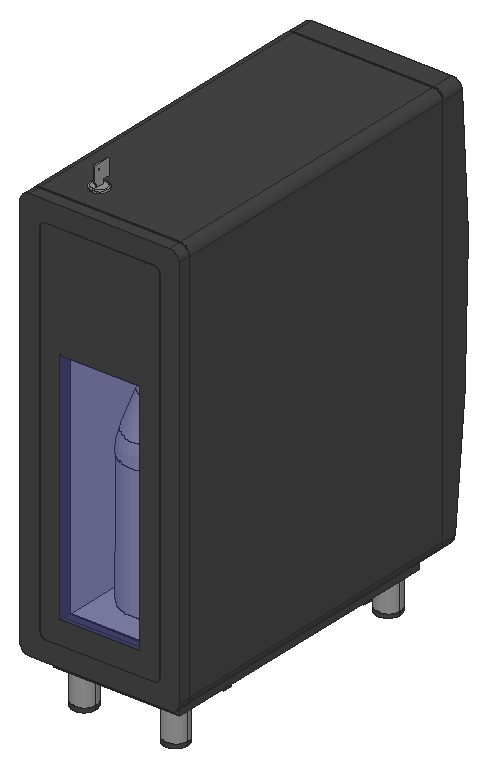
Revit family "Franke_Flavor_Station_FS3-A600_FM_EC_A600_FM_CM_A800_FM_EC(CN)", category Specialty Equipment, Revit 2015
Parameters (values of type "Flavor Station FS3-A600 FM EC,A600 FM CM,A800 FM EC(220V/anthracite/CN)")
  Watts max. = 0 W
  Volts max. = 0 V
  URL = "https://www.franke.com/main/en/cs/products/product-search.html"
  Depth (mm) = 452 mm
  Volts min. = 220 V
  Max Overcurrent Protection = "-"
  Cycle Alternative = 0 Hz
  Cycle = 50 Hz
  Model = "410888 - Flavor Station FS3-A600 FM EC, A600 FM CM, A800 FM EC"
  Watts min. = 0 W
  Cost = 0
  Capacity = "up to 3 bottles"
  Height (mm) = 544 mm
  Manufacturer = "Franke"
  Energy loss acc. to DIN 18873 = "-"
  Width (mm) = 200 mm
  Description = "key module Flavor Station enables the automated and constant dosing of syrup in the coffee / milk"
  Assembly Code = "key module Flavor Station"
  Keynote = "key module Flavor Station"
  Weight = "17 kg"
  Number of Poles = 1
  Number of Protective Conductors = "1"
  Number of Nutral Conductors = "1"
  Frontcover = Franke Black
Types (3): name
  (no name)
  Flavor Station FS3-A600 FM EC,A600 FM CM,A800 FM EC(220V/black line/CN)
  Flavor Station FS3-A600 FM EC,A600 FM CM,A800 FM EC(220V/anthracite/CN)
Reference planes
  plane 1 "Mitte (Vorne/Hinten)": y = 0
  plane 2: z = 0
  plane 3 "Mitte (Links/Rechts)": x = 0
Forms (mm)
  Revolve 1, solid, material "Franke Glass (coloured)"
    sketch origin (0, -122.422, 0) x (1, 0, 0) y (0, 0, 1)
      loop
        line (0, 119) -> (42.5, 119) -> (42.5, 285)
        arc (42.5, 285) -> (41.359, 298.689) -> (37.969, 312) r 82.717
        arc (37.969, 312) -> (30.026, 334.024) -> (21.951, 356) r 3887.726
        arc (21.951, 356) -> (18.197, 369.268) -> (16.953, 383) r 74.483
        line (16.953, 383) -> (0, 383) -> (0, 119)
      axis (0, 119) -> (0, 383)
    angle from 0 to 360
  Revolve 2, solid, material "Franke Coloured plastic"
    sketch origin (0, -122.422, 0) x (1, 0, 0) y (0, 0, 1)
      loop
        line (0, 383) -> (16.953, 383) -> (16.953, 417) -> (0, 417) -> (0, 383)
      axis (0, 383) -> (0, 417)
    angle from 0 to 360
  Extrusion 3, solid, material "Franke Black" <- "Frontcover"
    sketch origin (0, 0, 0) x (1, 0, 0) y (0, 0, 1)
      loop
        line (88, 585) -> (-88, 585)
        arc (-88, 585) -> (-96.485, 581.485) -> (-100, 573) r 12
        line (-100, 573) -> (-100, 77)
        arc (-100, 77) -> (-96.485, 68.515) -> (-88, 65) r 12
        line (-88, 65) -> (-85, 65) -> (85, 65) -> (88, 65)
        arc (88, 65) -> (96.485, 68.515) -> (100, 77) r 12
        line (100, 77) -> (100, 573)
        arc (100, 573) -> (96.485, 581.485) -> (88, 585) r 12
      loop
        arc (67, 90) -> (72.657, 92.343) -> (75, 98) r 8
        line (75, 98) -> (75, 552)
        arc (75, 552) -> (72.657, 557.657) -> (67, 560) r 8
        line (67, 560) -> (-67, 560)
        arc (-67, 560) -> (-72.657, 557.657) -> (-75, 552) r 8
        line (-75, 552) -> (-75, 98)
        arc (-75, 98) -> (-72.657, 92.343) -> (-67, 90) r 8
        line (-67, 90) -> (67, 90)
    from 199.53 to 214.53
  Extrusion 4, solid, material "Franke Black"
    sketch origin (0, 0, 0) x (1, 0, 0) y (0, 0, 1)
      loop
        arc (-67, 560) -> (-72.657, 557.657) -> (-75, 552) r 8
        line (-75, 552) -> (-75, 98)
        arc (-75, 98) -> (-72.657, 92.343) -> (-67, 90) r 8
        line (-67, 90) -> (67, 90)
        arc (67, 90) -> (72.657, 92.343) -> (75, 98) r 8
        line (75, 98) -> (75, 552)
        arc (75, 552) -> (72.657, 557.657) -> (67, 560) r 8
        line (67, 560) -> (-67, 560)
      loop
        line (-50, 417) -> (-50, 119) -> (50, 119) -> (50, 417) -> (-50, 417)
    from 199.53 to 214.53
  Extrusion 5, solid, material "Franke Glass"
    sketch origin (0, 0, 0) x (1, 0, 0) y (0, 0, 1)
      loop
        line (-50, 417) -> (-50, 119) -> (50, 119) -> (50, 417) -> (-50, 417)
    from 209.53 to 214.53
  Extrusion 6, solid, material "Franke Black"
    sketch origin (0, 0, 0) x (1, 0, 0) y (0, 0, 1)
      loop
        line (88, 585) -> (-88, 585)
        arc (-88, 585) -> (-96.485, 581.485) -> (-100, 573) r 12
        line (-100, 573) -> (-100, 77)
        arc (-100, 77) -> (-96.485, 68.515) -> (-88, 65) r 12
        line (-88, 65) -> (-85, 65) -> (85, 65) -> (88, 65)
        arc (88, 65) -> (96.485, 68.515) -> (100, 77) r 12
        line (100, 77) -> (100, 573)
        arc (100, 573) -> (96.485, 581.485) -> (88, 585) r 12
    from -198.03 to 198.03
  Extrusion 7, void
    sketch origin (0, 0, 0) x (1, 0, 0) y (0, 0, 1)
      loop
        line (-55, 422) -> (-55, 114) -> (55, 114) -> (55, 422) -> (-55, 422)
    from 4.53 to 267.821
  Extrusion 8, solid, material "Franke Black"
    sketch origin (0, 0, 0) x (0, 1, 0) y (0, 0, 1)
      loop
        line (186.97, 65) -> (-188.03, 65) -> (-188.03, 45) -> (186.97, 45) -> (186.97, 65)
    from -79 to 79
  Extrusion 9, solid, material "Franke Black"
    sketch origin (0, 0, 0) x (0, 1, 0) y (0, 0, 1)
      loop
        line (199.53, 585) -> (199.53, 65) -> (216.03, 65)
        arc (216.03, 65) -> (224.982, 150.997) -> (233.478, 237.039) r 16328.175
        arc (233.478, 237.039) -> (233.864, 241.879) -> (234.093, 246.728) r 150
        arc (234.093, 246.728) -> (236.227, 326.074) -> (237.701, 405.435) r 9548.581
        arc (237.701, 405.435) -> (237.699, 406.999) -> (237.648, 408.563) r 50
        arc (237.648, 408.563) -> (233.118, 496.797) -> (228.03, 585) r 14002.549
        line (228.03, 585) -> (199.53, 585)
    from -100 to 100
  Extrusion 10, void
    sketch origin (0, 0, 0) x (1, 0, 0) y (0, 0, 1)
      loop
        line (-88, 585) -> (-88, 595) -> (-110, 595) -> (-110, 573) -> (-100, 573)
        arc (-100, 573) -> (-96.485, 581.485) -> (-88, 585) r 12
      loop
        arc (88, 585) -> (96.485, 581.485) -> (100, 573) r 12
        line (100, 573) -> (110, 573) -> (110, 595) -> (88, 595) -> (88, 585)
      loop
        arc (-88, 65) -> (-96.485, 68.515) -> (-100, 77) r 12
        line (-100, 77) -> (-110, 77) -> (-110, 55) -> (-88, 55) -> (-88, 65)
      loop
        line (88, 65) -> (88, 55) -> (110, 55) -> (110, 77) -> (100, 77)
        arc (100, 77) -> (96.485, 68.515) -> (88, 65) r 12
    from -305.226 to 299.817
  Revolve 11, solid, material "Franke Chrome"
    sketch origin (-42, 0, 0) x (0, 1, 0) y (0, 0, 1)
      loop
        line (-162.53, 588) -> (-172.563, 588)
        arc (-172.563, 588) -> (-173.27, 587.707) -> (-173.563, 587) r 1
        line (-173.563, 587) -> (-173.563, 585) -> (-162.53, 585) -> (-162.53, 588)
      axis (-162.53, 588) -> (-162.53, 585)
    angle from 0 to 360
  Extrusion 12, solid, material "Franke Chrome"
    sketch origin (0, 0, 0) x (1, 0, 0) y (0, 1, 0)
      loop
        circle (57.5, -167.03) r 15
      loop
        circle (57.5, 166.47) r 15
      loop
        circle (-57.5, -167.03) r 15
      loop
        circle (-57.5, 166.47) r 15
    from 5 to 45
  Extrusion 13, solid, material "Franke Black"
    sketch origin (0, 0, 10) x (0, -1, 0) y (1, 0, 0)
      loop
        circle (167.03, -57.5) r 15
      loop
        circle (-166.47, -57.5) r 15
      loop
        circle (167.03, 57.5) r 15
      loop
        circle (-166.47, 57.5) r 15
    from -10 to -5
  Extrusion 14, solid, material "Franke Black"
    sketch origin (0, 0, 0) x (1, 0, 0) y (0, 1, 0)
      loop
        line (-76.6, 116.47) -> (-76.6, 104.47) -> (-62.6, 104.47) -> (-62.6, 116.47) -> (-76.6, 116.47)
      loop
        line (-76.6, -104.03) -> (-76.6, -116.03) -> (-62.6, -116.03) -> (-62.6, -104.03) -> (-76.6, -104.03)
      loop
        line (76.6, 116.47) -> (62.6, 116.47) -> (62.6, 104.47) -> (76.6, 104.47) -> (76.6, 116.47)
      loop
        line (76.6, -104.03) -> (62.6, -104.03) -> (62.6, -116.03) -> (76.6, -116.03) -> (76.6, -104.03)
    from 40 to 45
  Extrusion 15, solid, material "Franke internal space FS3"
    sketch origin (0, 0, 0) x (1, 0, 0) y (0, 0, 1)
      loop
        line (55, 422) -> (-55, 422) -> (-55, 114) -> (55, 114) -> (55, 422)
      loop
        line (50, 417) -> (-50, 417) -> (-50, 119) -> (50, 119) -> (50, 417)
    from 0 to 198.03
  Extrusion 16, solid
    sketch origin (0, 0, 0) x (1, 0, 0) y (0, 0, 1)
      loop
        line (-90, 75) -> (90, 75) -> (90, 575) -> (-90, 575) -> (-90, 75)
      loop
        line (55, 422) -> (-55, 422) -> (-55, 114) -> (55, 114) -> (55, 422)
    from 198.03 to 199.53
  Extrusion 17, solid
    sketch origin (0, 397.56, 0) x (1, 0, 0) y (0, 0, 1)
      loop
        line (-90, 75) -> (90, 75) -> (90, 575) -> (-90, 575) -> (-90, 75)
    from 198.03 to 199.53
  Extrusion 18, solid, material "Franke Chrome"
    sketch origin (0, 0, 0) x (0, 1, 0) y (0, 0, 1)
      loop
        arc (-169.199, 613) -> (-169.907, 612.707) -> (-170.199, 612) r 1
        line (-170.199, 612) -> (-170.199, 594)
        arc (-170.199, 594) -> (-169.907, 593.293) -> (-169.199, 593) r 1
        line (-169.199, 593) -> (-167.163, 593) -> (-167.163, 588) -> (-157.898, 588) -> (-157.898, 593) -> (-149.885, 593)
        arc (-149.885, 593) -> (-149.178, 593.293) -> (-148.885, 594) r 1
        line (-148.885, 594) -> (-148.885, 612)
        arc (-148.885, 612) -> (-149.178, 612.707) -> (-149.885, 613) r 1
        line (-149.885, 613) -> (-169.199, 613)
      loop
        circle (-164.449, 607.092) r 2
    from -43 to -41
  Extrusion 19, solid, material "Franke Chrome"
    sketch origin (0, 0, 0) x (1, 0, 0) y (0, 1, 0)
      loop
        circle (0, 147.268) r 2.5
    from 40 to 45
Cuts and joins
  Extrusion 10 cuts Extrusion 9
  Extrusion 7 cuts Extrusion 6
Dimensions and locks
  aligned and locked: level to plane 2
Connectors
  electrical at (0, 147.268, 40), driven by "Volts min.", driven by "Number of Poles"
    settings: on Extrusion 19, index 1, voltage 220 V, apparent load 0 VA, apparent load phase1 0 VA, apparent load phase2 0 VA, apparent load phase3 0 VA, power factor 1, load classification "Strom", number of poles 1, system type 31, power factor state 1, is connector primary yes, connector utility no, sub classification motor no, connector description ""
